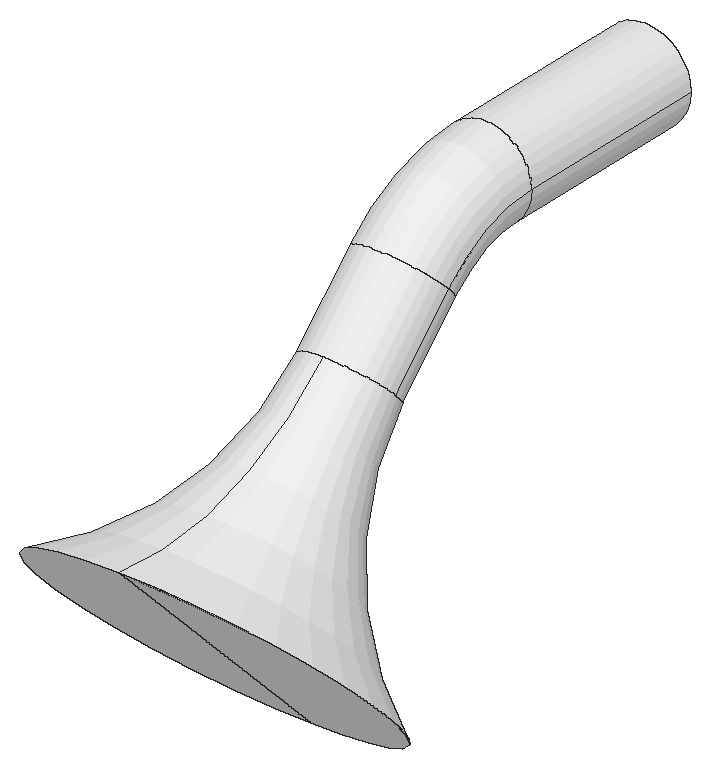
Revit family
Parameters (values of type "1660.715.002")
  Waste Connection = no
  Vent Connection = no
  URL = "http://www.americanstandard-us.com"
  Revised Date = "12/12/11"
  Product URL = "http://www.americanstandard-us.com/products/productDetail.aspx?id=2368"
  Phone # = "416-250-5656"
  Model = "1660.715.002"
  Material = Polished Chrome
  Manufacturer = "American Standard"
  HW Connection = no
  Designed By = "ATS BIM Team"
  Description = "FloWise Transitional Water Saving Showerhead"
  CW Connection = no
Reference planes (in)
  plane 1 "Center (Front/Back)": y = 0
  plane 2: z = 0
  plane 3 "Center (Left/Right)": x = 0
  plane 4: through (0, -7.09131, -4.03369) normal (0, 0.7071, 0.7071)
  plane 5: y = -7.375
  plane 6: z = -3.75
  plane 7: through (0, -7.375, -3.75) normal (0, -0.7071, 0.7071)
  plane 8: through (0, -5.69562, -5.42938) normal (0, -0.7071, 0.7071)
  plane 9: through (0, -9.05438, -2.07062) normal (0, -0.7071, 0.7071)
  plane 10: through (0, -3.39752, -3.13128) normal (0, 0.7071, 0.7071)
Forms (in)
  Sweep 1, solid, material "Polished Chrome" <- "Material"
    path origin (0, 0, -78) x (0, 1, 0) y (0, 0, 1)
      loop
        line (0, 78) -> (-2.71488, 78)
        arc (-2.71488, 78) -> (-3.48025, 77.84776) -> (-4.12909, 77.41421) r 2
        line (-4.12909, 77.41421) -> (-5.03606, 76.50725)
    profile origin (0, -1.35744, 0) x (0, 0, -1) y (1, 0, 0)
      loop
        circle (0, 0) r 0.625
  Revolve 2, solid, material "Polished Chrome" <- "Material"
    sketch origin (0, 0, 0) x (0, 1, 0) y (0, 0, 1)
      loop
        line (-4.59411, -1.93469) -> (-5.03606, -1.49275) -> (-7.33415, -3.79085) -> (-5.69562, -5.42938)
        arc (-5.69562, -5.42938) -> (-5.56605, -3.54928) -> (-4.59411, -1.93469) r 4.02112
      axis (-7.33415, -3.79085) -> (-5.03606, -1.49275)
    angle from 0 to 360
Cuts and joins
  joined: Sweep 1, Revolve 2
Dimensions and locks (in)
  plane 1 "Center (Front/Back)" to plane 5 = 0' - 7 3/8"
  plane 6 to level = 0' - 3 3/4"
  plane 8 to plane 9 = 0' - 4 3/4"
  plane 10 to plane 4 = 0' - 3 1/4"
